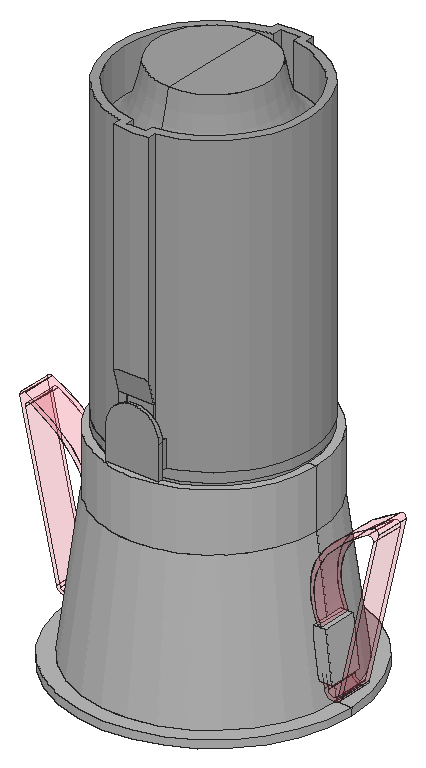
Revit family "LAMP_MOODY G2 1700 + MINI ROUND FIXED REFLECTOR", category Luminarias, Revit 2015
Parameters (values of type "2700K FLOOD")
  Ángulo de inclinación = 90.00°
  White reflector model = White reflector code  # "MORFRD072FXW"
  White reflector finish = "Matt white"
  White reflector description = "MOODY REF RD FX Ø72 WH."
  White reflector datasheet = "http://www.lamp.es/product-files/TECH/MORFRD072FXW-EN.pdf"
  White reflector code = "MORFRD072FXW"
  White reflector [instance] = no
  Wattage = 14 W
  UGR = "23"
  Type = "COB PHILIPS"
  Total weight = 0.344 kg
  Total height = 140 mm
  Silver reflector model = Silver reflector code  # "MORFRD072FXM"
  Silver reflector finish = "Metalized matt silver"
  Silver reflector description = "MOODY REF RD FX Ø72 MET."
  Silver reflector datasheet = "http://www.lamp.es/product-files/TECH/MORFRD072FXM-EN.pdf"
  Silver reflector code = "MORFRD072FXM"
  Silver reflector [instance] = no
  Reflector diameter = 72 mm
  Reflector [instance] = and(not(White reflector), not(Copper reflector), not(Black reflector), not(Silver reflector))  # no
  Recessed diameter = 68 mm
  built-in parameter 1150110 = 1 (stored number, unit not read)
  Protection rating = "IP20"
  Product URL = "https://www.lamp.es/en/family/moody_33323"
  Power Supply = "220-240V 50/60Hz"
  Power = 12 W
  Plum = 14 W
  Model explanation = "Availability of switching reflector colour when placed in a project."
  Material Reflector Plata = LAMP_PC Reflector Moody GR
  Material Reflector Negro = LAMP_PC Reflector Moody NG
  Material Reflector Cobre = LAMP_PC Reflector Moody CO
  Material Reflector Blanco = LAMP_PC Reflector Moody BL
  Material Muelle Emp. = LAMP_Acero genérico
  Manufacturer name = "LAMP"
  Manufacturer country = "Spain"
  Manufacturer URL = "http://www.lamp.es/en"
  MacAdam = "3"
  Lámpara = "COB LED"
  Luminaire type = "Indoor - Recessed Downlight"
  Last update = "28/08/2019"
  LED Lifetime = "50.000 L70 B10"
  Insulation class = "II"
  Installation instructions = "https://www.lamp.es/product-files/INS/1004620-A-INSTR.%20MOODY%20G2.pdf"
  IEE = "A++"
  Gear = "Electronic"
  built-in parameter 1114217 = 1 (stored number, unit not read)
  built-in parameter 1150109 = 1 (stored number, unit not read)
  Fabricante = Manufacturer name  # "LAMP"
  Efficacy = 66.2 lm/W
  Descripción = "MOODY G2 1700 VWW FL TRIAC BK."
  Core product code = "MO215FL927TB"
  Core model = Core product code  # "MO215FL927TB"
  Core diameter = 50 mm
  Core description = "MOODY CORE 1200 VWW MFL"
  Core datasheet = "http://www.lamp.es/product-files/TECH/MO215FL927TB-EN.pdf"
  Copper reflector model = Copper reflector code  # "MORFRD072FXC"
  Copper reflector finish = "Metalized matt copper"
  Copper reflector description = "MOODY REF RD FX Ø72 CO."
  Copper reflector datasheet = "http://www.lamp.es/product-files/TECH/MORFRD072FXW-EN.pdf"
  Copper reflector code = "MORFRD072FXC"
  Comentarios de tipo = Model explanation  # "Availability of switching reflector colour when placed in a project."
  built-in parameter 1150134 = (empty or 0)
  built-in parameter 1150113 = 1 (stored number, unit not read)
  Lumens = 926.8 lm
  built-in parameter 1150115 = 1 (stored number, unit not read)
  built-in parameter 1150105 = 73.752 (stored number, unit not read)
  built-in parameter 1150137 = (empty or 0)
  built-in parameter 1150139 = (empty or 0)
  built-in parameter 1150112 = 1 (stored number, unit not read)
  built-in parameter 1150114 = 1 (stored number, unit not read)
  built-in parameter 1150132 = 2
  built-in parameter 1150102 = (empty or 0)
  built-in parameter 1150138 = (empty or 0)
  built-in parameter 1150107 = 2700 (stored number, unit not read)
  built-in parameter 1150106 = 0.73752 (stored number, unit not read)
  built-in parameter 1150104 = 6.1502 (stored number, unit not read)
  Dimming Lamp Color Temperature Shift = (empty or 0)
  Color Filter = 16777215
  built-in parameter 1114218 = 1 (stored number, unit not read)
  CRI = "90"
  Copper reflector [instance] = yes
  Black reflector model = Black reflector code  # "MORFRD072FXB"
  Black reflector finish = "Matt black"
  Black reflector description = "MOODY REF RD FX Ø72 BK."
  Black reflector datasheet = "http://www.lamp.es/product-files/TECH/MORFRD072FXB-EN.pdf"
  Black reflector code = "MORFRD072FXB"
  Black reflector [instance] = no
  Archivo de red fotométrica = "MO215FL927TB+MORFRD072FXM.IES"
  Altura reflector = 52.8 mm
  built-in parameter 1150133 = 10 (stored number, unit not read)
Types (9, lengths in mm): name | UGR | Efficacy | Descripción | Core product code | Core model | Core datasheet | Lumens | built-in parameter 1150105 | built-in parameter 1150107 | built-in parameter 1150106 | built-in parameter 1150104 | CRI | Archivo de red fotométrica
  2700K FLOOD | "23" | 66.2 lm/W | "MOODY G2 1700 VWW FL TRIAC BK." | "MO215FL927TB" | "MO215FL927TB" | "http://www.lamp.es/product-files/TECH/MO215FL927TB-EN.pdf" | 926.8 lm | 73.752 (stored number, unit not read) | 2700 (stored number, unit not read) | 0.73752 (stored number, unit not read) | 6.1502 (stored number, unit not read) | "90" | "MO215FL927TB+MORFRD072FXM.IES"
  2700K SPOT | "23" | 66.2 lm/W | "MOODY G2 1700 VWW SP TRIAC BK." | "MO215SP927TB" | "MO215SP927TB" | "http://www.lamp.es/product-files/TECH/MO215SP927TB-EN.pdf" | 926.8 lm | 73.752 (stored number, unit not read) | 2700 (stored number, unit not read) | 0.73752 (stored number, unit not read) | 6.1502 (stored number, unit not read) | "90" | "MO215SP927TB+MORFRD072FXM.IES"
  2700K WIDE FLOOD | "23" | 66.2 lm/W | "MOODY G2 1700 VWW WFL TRIAC BK." | "MO215WF927TB" | "MO215WF927TB" | "http://www.lamp.es/product-files/TECH/MO215WF927TB-EN.pdf" | 926.8 lm | 73.752 (stored number, unit not read) | 2700 (stored number, unit not read) | 0.73752 (stored number, unit not read) | 6.1502 (stored number, unit not read) | "90" | "MO215WF927TB+MORFRD072FXM.IES"
  3000K FLOOD | "23" | 81.2 lm/W | "MOODY G2 1700 WW FL TRIAC BK." | "MO215FL830TB" | "MO215FL830TB" | "http://www.lamp.es/product-files/TECH/MO215FL830TB-EN.pdf" | 1136.8 lm | 90.464 (stored number, unit not read) | 3000 (stored number, unit not read) | 0.90464 (stored number, unit not read) | 7.5437 (stored number, unit not read) | "80" | "MO215FL830TB+MORFRD072FXM.IES"
  3000K SPOT | "23" | 81.2 lm/W | "MOODY G2 1700 WW SP TRIAC BK." | "MO215SP830TB" | "MO215SP830TB" | "http://www.lamp.es/product-files/TECH/MO215SP830TB-EN.pdf" | 1136.8 lm | 90.464 (stored number, unit not read) | 3000 (stored number, unit not read) | 0.90464 (stored number, unit not read) | 7.5437 (stored number, unit not read) | "80" | "MO215SP830TB+MORFRD072FXM.IES"
  3000K WIDE FLOOD | "23" | 81.2 lm/W | "MOODY G2 1700 WW WFL TRIAC BK." | "MO215WF830TB" | "MO215WF830TB" | "http://www.lamp.es/product-files/TECH/MO215WF830TB-EN.pdf" | 1136.8 lm | 90.464 (stored number, unit not read) | 3000 (stored number, unit not read) | 0.90464 (stored number, unit not read) | 7.5437 (stored number, unit not read) | "80" | "MO215WF830TB+MORFRD072FXM.IES"
  4000K FLOOD | "24" | 86 lm/W | "MOODY G2 1700 NW FL TRIAC BK." | "MO215FL840TB" | "MO215FL840TB" | "http://www.lamp.es/product-files/TECH/MO215FL840TB-EN.pdf" | 1204 lm | 95.811 (stored number, unit not read) | 4000 (stored number, unit not read) | 0.95811 (stored number, unit not read) | 7.9897 (stored number, unit not read) | "80" | "MO215FL840TB+MORFRD072FXM.IES"
  4000K SPOT | "24" | 86 lm/W | "MOODY G2 1700 NW SP TRIAC BK." | "MO215SP840TB" | "MO215SP840TB" | "http://www.lamp.es/product-files/TECH/MO215SP840TB-EN.pdf" | 1204 lm | 95.811 (stored number, unit not read) | 4000 (stored number, unit not read) | 0.95811 (stored number, unit not read) | 7.9897 (stored number, unit not read) | "80" | "MO215SP840TB+MORFRD072FXM.IES"
  4000K WIDE FLOOD | "24" | 86 lm/W | "MOODY G2 1700 NW WFL TRIAC BK." | "MO215WF840TB" | "MO215WF840TB" | "http://www.lamp.es/product-files/TECH/MO215WF840TB-EN.pdf" | 1204 lm | 95.811 (stored number, unit not read) | 4000 (stored number, unit not read) | 0.95811 (stored number, unit not read) | 7.9897 (stored number, unit not read) | "80" | "MO215WF840TB+MORFRD072FXM.IES"
Reference planes
  plane 1 "Eje de origen de luz (F/P)": y = 0
  plane 2: z = 0
  plane 3 "Eje de origen de luz (I/D)": x = 0
  plane 4 "Techo": z = 4000
  plane 5 "Elevación de origen de luz": z = 4000
Forms (mm)
  Revolve 1, solid, material "LAMP_PC Reflector Moody CO" <- "Material Reflector Cobre", visible <- "Reflector"
    sketch origin (0, 0, 0) x (1, 0, 0) y (0, 0, 1)
      loop
        line (-30, 3998) -> (-30, 4000) -> (-24.838, 4037.526) -> (-24.838, 4045.8) -> (-23.138, 4045.8) -> (-23.138, 4047.8) -> (-24.838, 4047.8) -> (-24.838, 4052.8) -> (-26.8, 4052.8) -> (-26.8, 4037.8) -> (-32, 4000) -> (-36, 4000) -> (-36, 3998) -> (-30, 3998)
      axis (0, 3998) -> (0, 4052.8)
    angle from 0 to 360
  Extrusion 2, solid, material "LAMP_PC Reflector Moody CO" <- "Material Reflector Cobre", visible <- "Reflector"
    sketch origin (0, 0, 0) x (1, 0, 0) y (0, 0, 1)
      loop
        line (-31.187, 4006.379) -> (-29.063, 4012.148) -> (-29.652, 4018.879) -> (-32.652, 4018.879) -> (-34.187, 4006.379) -> (-31.187, 4006.379)
    from 4.4 to -4.4
  Extrusion 3, solid, material "LAMP_Acero genérico" <- "Material Muelle Emp."
    sketch origin (0, 0, 0) x (1, 0, 0) y (0, 0, 1)
      loop
        line (-31.943, 4008.334) -> (-32.936, 4008.456) -> (-33.354, 4005.052)
        arc (-33.354, 4005.052) -> (-34.505, 4003.774) -> (-36.101, 4004.418) r 1.5
        line (-36.101, 4004.418) -> (-45.08, 4043.315)
        arc (-45.08, 4043.315) -> (-44.744, 4044.291) -> (-43.719, 4044.417) r 0.975
        spline (-43.719, 4044.417) -> (-39.839, 4042.049) -> (-36.692, 4039.685) -> (-34.215, 4037.335) -> (-32.344, 4035.012) -> (-31.016, 4032.729) -> (-30.17, 4030.498) -> (-29.74, 4028.33) -> (-29.666, 4026.239) -> (-29.883, 4024.236) -> (-30.329, 4022.333) -> (-30.941, 4020.544) -> (-31.656, 4018.879)
        line (-31.656, 4018.879) -> (-30.649, 4018.879)
        spline (-30.649, 4018.879) -> (-29.869, 4020.895) -> (-29.241, 4023.007) -> (-28.826, 4025.204) -> (-28.688, 4027.472) -> (-28.891, 4029.797) -> (-29.498, 4032.167) -> (-30.573, 4034.568) -> (-32.179, 4036.988) -> (-34.38, 4039.414) -> (-37.239, 4041.832) -> (-40.82, 4044.23) -> (-45.186, 4046.593)
        arc (-45.186, 4046.593) -> (-46.211, 4046.467) -> (-46.547, 4045.491) r 0.975
        line (-46.547, 4045.491) -> (-37.091, 4004.532)
        arc (-37.091, 4004.532) -> (-36.228, 4003.203) -> (-34.714, 4002.739) r 2.317
        arc (-34.714, 4002.739) -> (-33.138, 4003.406) -> (-32.361, 4004.931) r 2.5
        line (-32.361, 4004.931) -> (-31.943, 4008.334)
    from 4.4 to -4.4
  Extrusion 4, solid, material "LAMP_PC Reflector Moody CO" <- "Material Reflector Cobre", visible <- "Reflector"
    sketch origin (0, 0, 0) x (-1, 0, 0) y (0, 0, -1)
      loop
        line (-31.187, -4006.379) -> (-34.187, -4006.379) -> (-32.652, -4018.879) -> (-29.652, -4018.879) -> (-29.063, -4012.148) -> (-31.187, -4006.379)
    from 4.4 to -4.4
  Extrusion 5, solid, material "LAMP_Acero genérico" <- "Material Muelle Emp."
    sketch origin (0, 0, 0) x (-1, 0, 0) y (0, 0, -1)
      loop
        line (-31.943, -4008.334) -> (-32.361, -4004.931)
        arc (-32.361, -4004.931) -> (-33.138, -4003.406) -> (-34.714, -4002.739) r 2.5
        arc (-34.714, -4002.739) -> (-36.228, -4003.203) -> (-37.091, -4004.532) r 2.317
        line (-37.091, -4004.532) -> (-46.547, -4045.491)
        arc (-46.547, -4045.491) -> (-46.211, -4046.467) -> (-45.186, -4046.593) r 0.975
        spline (-45.186, -4046.593) -> (-40.82, -4044.23) -> (-37.239, -4041.832) -> (-34.38, -4039.414) -> (-32.179, -4036.988) -> (-30.573, -4034.568) -> (-29.498, -4032.167) -> (-28.891, -4029.797) -> (-28.688, -4027.472) -> (-28.826, -4025.204) -> (-29.241, -4023.007) -> (-29.869, -4020.895) -> (-30.649, -4018.879)
        line (-30.649, -4018.879) -> (-31.656, -4018.879)
        spline (-31.656, -4018.879) -> (-30.941, -4020.544) -> (-30.329, -4022.333) -> (-29.883, -4024.236) -> (-29.666, -4026.239) -> (-29.74, -4028.33) -> (-30.17, -4030.498) -> (-31.016, -4032.729) -> (-32.344, -4035.012) -> (-34.215, -4037.335) -> (-36.692, -4039.685) -> (-39.839, -4042.049) -> (-43.719, -4044.417)
        arc (-43.719, -4044.417) -> (-44.744, -4044.291) -> (-45.08, -4043.315) r 0.975
        line (-45.08, -4043.315) -> (-36.101, -4004.418)
        arc (-36.101, -4004.418) -> (-34.505, -4003.774) -> (-33.354, -4005.052) r 1.5
        line (-33.354, -4005.052) -> (-32.936, -4008.456) -> (-31.943, -4008.334)
    from 4.4 to -4.4
  Revolve 6, solid, material "LAMP_PC Reflector Moody BL" <- "Material Reflector Blanco", visible <- "White reflector"
    sketch origin (0, 0, 0) x (1, 0, 0) y (0, 0, 1)
      loop
        line (-30, 3998) -> (-30, 4000) -> (-24.838, 4037.526) -> (-24.838, 4045.8) -> (-23.138, 4045.8) -> (-23.138, 4047.8) -> (-24.838, 4047.8) -> (-24.838, 4052.8) -> (-26.8, 4052.8) -> (-26.8, 4037.8) -> (-32, 4000) -> (-36, 4000) -> (-36, 3998) -> (-30, 3998)
      axis (0, 3998) -> (0, 4052.8)
    angle from 0 to 360
  Extrusion 7, solid, material "LAMP_PC Reflector Moody BL" <- "Material Reflector Blanco", visible <- "White reflector"
    sketch origin (0, 0, 0) x (1, 0, 0) y (0, 0, 1)
      loop
        line (-31.187, 4006.379) -> (-29.063, 4012.148) -> (-29.652, 4018.879) -> (-32.652, 4018.879) -> (-34.187, 4006.379) -> (-31.187, 4006.379)
    from 4.4 to -4.4
  Extrusion 8, solid, material "LAMP_PC Reflector Moody BL" <- "Material Reflector Blanco", visible <- "White reflector"
    sketch origin (0, 0, 0) x (-1, 0, 0) y (0, 0, -1)
      loop
        line (-31.187, -4006.379) -> (-34.187, -4006.379) -> (-32.652, -4018.879) -> (-29.652, -4018.879) -> (-29.063, -4012.148) -> (-31.187, -4006.379)
    from 4.4 to -4.4
  Revolve 9, solid, material "LAMP_PC Reflector Moody CO" <- "Material Reflector Cobre", visible <- "Copper reflector"
    sketch origin (0, 0, 0) x (1, 0, 0) y (0, 0, 1)
      loop
        line (-30, 3998) -> (-30, 4000) -> (-24.838, 4037.526) -> (-24.838, 4045.8) -> (-23.138, 4045.8) -> (-23.138, 4047.8) -> (-24.838, 4047.8) -> (-24.838, 4052.8) -> (-26.8, 4052.8) -> (-26.8, 4037.8) -> (-32, 4000) -> (-36, 4000) -> (-36, 3998) -> (-30, 3998)
      axis (0, 3998) -> (0, 4052.8)
    angle from 0 to 360
  Extrusion 10, solid, material "LAMP_PC Reflector Moody CO" <- "Material Reflector Cobre", visible <- "Copper reflector"
    sketch origin (0, 0, 0) x (1, 0, 0) y (0, 0, 1)
      loop
        line (-31.187, 4006.379) -> (-29.063, 4012.148) -> (-29.652, 4018.879) -> (-32.652, 4018.879) -> (-34.187, 4006.379) -> (-31.187, 4006.379)
    from 4.4 to -4.4
  Extrusion 11, solid, material "LAMP_PC Reflector Moody CO" <- "Material Reflector Cobre", visible <- "Copper reflector"
    sketch origin (0, 0, 0) x (-1, 0, 0) y (0, 0, -1)
      loop
        line (-31.187, -4006.379) -> (-34.187, -4006.379) -> (-32.652, -4018.879) -> (-29.652, -4018.879) -> (-29.063, -4012.148) -> (-31.187, -4006.379)
    from 4.4 to -4.4
  Revolve 12, solid, material "LAMP_PC Reflector Moody NG" <- "Material Reflector Negro", visible <- "Black reflector"
    sketch origin (0, 0, 0) x (1, 0, 0) y (0, 0, 1)
      loop
        line (-30, 3998) -> (-30, 4000) -> (-24.838, 4037.526) -> (-24.838, 4045.8) -> (-23.138, 4045.8) -> (-23.138, 4047.8) -> (-24.838, 4047.8) -> (-24.838, 4052.8) -> (-26.8, 4052.8) -> (-26.8, 4037.8) -> (-32, 4000) -> (-36, 4000) -> (-36, 3998) -> (-30, 3998)
      axis (0, 3998) -> (0, 4052.8)
    angle from 0 to 360
  Extrusion 13, solid, material "LAMP_PC Reflector Moody NG" <- "Material Reflector Negro", visible <- "Black reflector"
    sketch origin (0, 0, 0) x (1, 0, 0) y (0, 0, 1)
      loop
        line (-31.187, 4006.379) -> (-29.063, 4012.148) -> (-29.652, 4018.879) -> (-32.652, 4018.879) -> (-34.187, 4006.379) -> (-31.187, 4006.379)
    from 4.4 to -4.4
  Extrusion 14, solid, material "LAMP_PC Reflector Moody NG" <- "Material Reflector Negro", visible <- "Black reflector"
    sketch origin (0, 0, 0) x (-1, 0, 0) y (0, 0, -1)
      loop
        line (-31.187, -4006.379) -> (-34.187, -4006.379) -> (-32.652, -4018.879) -> (-29.652, -4018.879) -> (-29.063, -4012.148) -> (-31.187, -4006.379)
    from 4.4 to -4.4
  Revolve 15, solid, material "LAMP_PC Reflector Moody GR" <- "Material Reflector Plata", visible <- "Silver reflector"
    sketch origin (0, 0, 0) x (1, 0, 0) y (0, 0, 1)
      loop
        line (-30, 3998) -> (-30, 4000) -> (-24.838, 4037.526) -> (-24.838, 4045.8) -> (-23.138, 4045.8) -> (-23.138, 4047.8) -> (-24.838, 4047.8) -> (-24.838, 4052.8) -> (-26.8, 4052.8) -> (-26.8, 4037.8) -> (-32, 4000) -> (-36, 4000) -> (-36, 3998) -> (-30, 3998)
      axis (0, 3998) -> (0, 4052.8)
    angle from 0 to 360
  Extrusion 16, solid, material "LAMP_PC Reflector Moody GR" <- "Material Reflector Plata", visible <- "Silver reflector"
    sketch origin (0, 0, 0) x (1, 0, 0) y (0, 0, 1)
      loop
        line (-31.187, 4006.379) -> (-29.063, 4012.148) -> (-29.652, 4018.879) -> (-32.652, 4018.879) -> (-34.187, 4006.379) -> (-31.187, 4006.379)
    from 4.4 to -4.4
  Extrusion 17, solid, material "LAMP_PC Reflector Moody GR" <- "Material Reflector Plata", visible <- "Silver reflector"
    sketch origin (0, 0, 0) x (-1, 0, 0) y (0, 0, -1)
      loop
        line (-31.187, -4006.379) -> (-34.187, -4006.379) -> (-32.652, -4018.879) -> (-29.652, -4018.879) -> (-29.063, -4012.148) -> (-31.187, -4006.379)
    from 4.4 to -4.4
Text (mm)
  text "Any modification of the parameters and properties of the LAMP BIM models must be executed and validated by the LAMP technical department.\n\nPhone: +34 93 736 68 00\n\nE-mail: lamp@lamp.es\n\n\n\nLAMP reserves the right to modify the technical specifications of its products." at (-1193.374, 1782.913, 3832.353), in view "Preview"
Dimensions and locks
  equal spacing: host sketch curve, plane 3 "Eje de origen de luz (I/D)", host sketch curve
  equal spacing: host sketch curve, plane 1 "Eje de origen de luz (F/P)", host sketch curve
  host sketch curve to host sketch curve = 4000 mm  (x2)
  locked: plane 4 "Techo" to host ceiling at 0
  "Altura reflector": plane 4 "Techo" to Revolve 1
  locked: Revolve 15 to nested 1 at 85
  aligned and locked: plane 3 "Eje de origen de luz (I/D)" to imposter light
  aligned and locked: plane 1 "Eje de origen de luz (F/P)" to imposter light
  aligned and locked: plane 5 "Elevación de origen de luz" to imposter light
  aligned and locked: imposter light to plane 4 "Techo"
Automatic sketch dimensions
  Revolve 1 sketch curve to plane 4 "Techo" = 0 mm  (x2)
  Revolve 1 sketch curve to plane 3 "Eje de origen de luz (I/D)" = 0 mm
  Revolve 1 sketch curve to plane 3 "Eje de origen de luz (I/D)" = 23.138 mm
  Revolve 1 sketch curve to Revolve 1 sketch curve = 1.7 mm  (x2)
  Revolve 1 sketch curve to Revolve 1 sketch curve = 1.962 mm
  Revolve 1 sketch curve to plane 3 "Eje de origen de luz (I/D)" = 30 mm
  Revolve 1 sketch curve to Revolve 1 sketch curve = 2 mm  (x2)
  Revolve 1 sketch curve to Revolve 1 sketch curve = 4 mm
  plane 4 "Techo" to Revolve 1 sketch curve = 2 mm
  Revolve 1 sketch curve to plane 4 "Techo" = 37.526 mm
  Revolve 1 sketch curve to Revolve 1 sketch curve = 0.274 mm
  Revolve 1 sketch curve to Revolve 1 sketch curve = 8 mm
  Revolve 1 sketch curve to Revolve 1 sketch curve = 5 mm
  Revolve 1 sketch curve to level = 358.228 mm
  Revolve 1 sketch curve to Revolve 1 sketch curve = 309.385 mm
  Extrusion 2 sketch curve to plane 4 "Techo" = 6.379 mm
  Extrusion 2 sketch curve to plane 3 "Eje de origen de luz (I/D)" = 34.187 mm
  Extrusion 2 sketch curve to Extrusion 2 sketch curve = 1.535 mm
  Extrusion 2 sketch curve to Extrusion 2 sketch curve = 3 mm  (x2)
  Extrusion 2 sketch curve to plane 4 "Techo" = 12.148 mm
  Extrusion 2 sketch curve to Extrusion 2 sketch curve = 2.124 mm
  Extrusion 2 sketch curve to Extrusion 2 sketch curve = 6.731 mm
  Extrusion 3 sketch curve to Extrusion 3 sketch curve = 0 mm  (x2)
  Extrusion 3 sketch curve to plane 3 "Eje de origen de luz (I/D)" = 46.547 mm
  Extrusion 3 sketch curve to Extrusion 3 sketch curve = 0.95 mm  (x2)
  Extrusion 3 sketch curve to Extrusion 3 sketch curve = 0.412 mm  (x2)
  Extrusion 3 sketch curve to Extrusion 3 sketch curve = 0.517 mm
  Extrusion 3 sketch curve to plane 4 "Techo" = 4.532 mm
  Extrusion 3 sketch curve to plane 3 "Eje de origen de luz (I/D)" = 37.091 mm
  Extrusion 3 sketch curve to plane 4 "Techo" = 4.418 mm
  Extrusion 3 sketch curve to Extrusion 3 sketch curve = 0.991 mm
  Extrusion 3 sketch curve to Extrusion 3 sketch curve = 1.258 mm
  Extrusion 3 sketch curve to Extrusion 3 sketch curve = 0.009 mm
  Extrusion 3 sketch curve to plane 4 "Techo" = 5.052 mm
  Extrusion 3 sketch curve to Extrusion 3 sketch curve = 1.479 mm
  Extrusion 3 sketch curve to plane 4 "Techo" = 8.456 mm
  Extrusion 3 sketch curve to Extrusion 3 sketch curve = 0.418 mm
  Extrusion 3 sketch curve to plane 4 "Techo" = 4.931 mm
  Extrusion 3 sketch curve to Extrusion 3 sketch curve = 0.993 mm
  Extrusion 3 sketch curve to Extrusion 3 sketch curve = 1.28 mm
  Extrusion 3 sketch curve to Extrusion 3 sketch curve = 1.008 mm
  Extrusion 3 sketch curve to Extrusion 3 sketch curve = 0.182 mm
  Extrusion 3 sketch curve to Extrusion 3 sketch curve = 10.423 mm
  Extrusion 3 sketch curve to Extrusion 3 sketch curve = 24.435 mm
  Extrusion 3 sketch curve to Extrusion 3 sketch curve = 0.219 mm  (x2)
  Extrusion 3 sketch curve to Extrusion 3 sketch curve = 2.176 mm
  plane 4 "Techo" to Extrusion 4 sketch curve = 6.379 mm
  Extrusion 4 sketch curve to plane 3 "Eje de origen de luz (I/D)" = 34.187 mm
  Extrusion 4 sketch curve to Extrusion 4 sketch curve = 1.535 mm
  Extrusion 4 sketch curve to Extrusion 4 sketch curve = 3 mm  (x2)
  plane 4 "Techo" to Extrusion 4 sketch curve = 12.148 mm
  Extrusion 4 sketch curve to Extrusion 4 sketch curve = 2.124 mm
  Extrusion 4 sketch curve to Extrusion 4 sketch curve = 6.731 mm
  Extrusion 5 sketch curve to Extrusion 5 sketch curve = 0 mm  (x2)
  Extrusion 5 sketch curve to plane 3 "Eje de origen de luz (I/D)" = 46.547 mm
  Extrusion 5 sketch curve to Extrusion 5 sketch curve = 0.95 mm  (x2)
  Extrusion 5 sketch curve to Extrusion 5 sketch curve = 0.412 mm  (x2)
  Extrusion 5 sketch curve to Extrusion 5 sketch curve = 0.517 mm
  plane 4 "Techo" to Extrusion 5 sketch curve = 4.532 mm
  Extrusion 5 sketch curve to plane 3 "Eje de origen de luz (I/D)" = 37.091 mm
  plane 4 "Techo" to Extrusion 5 sketch curve = 4.418 mm
  Extrusion 5 sketch curve to Extrusion 5 sketch curve = 0.991 mm
  Extrusion 5 sketch curve to Extrusion 5 sketch curve = 1.258 mm
  Extrusion 5 sketch curve to Extrusion 5 sketch curve = 0.009 mm
  plane 4 "Techo" to Extrusion 5 sketch curve = 5.052 mm
  Extrusion 5 sketch curve to Extrusion 5 sketch curve = 1.479 mm
  plane 4 "Techo" to Extrusion 5 sketch curve = 8.456 mm
  Extrusion 5 sketch curve to Extrusion 5 sketch curve = 0.418 mm
  plane 4 "Techo" to Extrusion 5 sketch curve = 4.931 mm
  Extrusion 5 sketch curve to Extrusion 5 sketch curve = 0.993 mm
  Extrusion 5 sketch curve to Extrusion 5 sketch curve = 1.28 mm
  Extrusion 5 sketch curve to Extrusion 5 sketch curve = 1.008 mm
  Extrusion 5 sketch curve to Extrusion 5 sketch curve = 0.182 mm
  Extrusion 5 sketch curve to Extrusion 5 sketch curve = 10.423 mm
  Extrusion 5 sketch curve to Extrusion 5 sketch curve = 24.435 mm
  Extrusion 5 sketch curve to Extrusion 5 sketch curve = 0.219 mm  (x2)
  Extrusion 5 sketch curve to Extrusion 5 sketch curve = 2.176 mm
  Revolve 6 sketch curve to plane 4 "Techo" = 0 mm  (x2)
  plane 4 "Techo" to Revolve 6 sketch curve = 2 mm
  Revolve 6 sketch curve to plane 3 "Eje de origen de luz (I/D)" = 36 mm
  Revolve 6 sketch curve to Revolve 6 sketch curve = 4 mm
  Revolve 6 sketch curve to Revolve 6 sketch curve = 2 mm  (x2)
  Revolve 6 sketch curve to Revolve 6 sketch curve = 3.2 mm
  Revolve 6 sketch curve to Revolve 6 sketch curve = 1.962 mm  (x2)
  Revolve 6 sketch curve to Revolve 6 sketch curve = 1.7 mm
  Revolve 6 sketch curve to plane 4 "Techo" = 37.526 mm
  Revolve 6 sketch curve to Revolve 6 sketch curve = 0.274 mm
  Revolve 6 sketch curve to Revolve 6 sketch curve = 8 mm
  Revolve 6 sketch curve to Revolve 6 sketch curve = 5 mm
  plane 3 "Eje de origen de luz (I/D)" to Revolve 6 sketch curve = 0 mm
  Revolve 6 sketch curve to level = 358.228 mm
  Revolve 6 sketch curve to Revolve 6 sketch curve = 309.385 mm
  Extrusion 7 sketch curve to plane 4 "Techo" = 6.379 mm
  Extrusion 7 sketch curve to plane 3 "Eje de origen de luz (I/D)" = 34.187 mm
  Extrusion 7 sketch curve to Extrusion 7 sketch curve = 1.535 mm
  Extrusion 7 sketch curve to Extrusion 7 sketch curve = 3 mm  (x2)
  Extrusion 7 sketch curve to plane 4 "Techo" = 18.879 mm
  Extrusion 7 sketch curve to plane 4 "Techo" = 12.148 mm
  Extrusion 7 sketch curve to Extrusion 7 sketch curve = 2.124 mm
  plane 4 "Techo" to Extrusion 8 sketch curve = 6.379 mm
  Extrusion 8 sketch curve to plane 3 "Eje de origen de luz (I/D)" = 34.187 mm
  Extrusion 8 sketch curve to Extrusion 8 sketch curve = 1.535 mm
  Extrusion 8 sketch curve to Extrusion 8 sketch curve = 3 mm  (x2)
  plane 4 "Techo" to Extrusion 8 sketch curve = 18.879 mm
  plane 4 "Techo" to Extrusion 8 sketch curve = 12.148 mm
  Extrusion 8 sketch curve to Extrusion 8 sketch curve = 2.124 mm
  Revolve 9 sketch curve to plane 4 "Techo" = 0 mm  (x2)
  plane 4 "Techo" to Revolve 9 sketch curve = 2 mm
  Revolve 9 sketch curve to plane 3 "Eje de origen de luz (I/D)" = 36 mm
  Revolve 9 sketch curve to Revolve 9 sketch curve = 4 mm
  Revolve 9 sketch curve to Revolve 9 sketch curve = 2 mm  (x2)
  Revolve 9 sketch curve to Revolve 9 sketch curve = 3.2 mm
  Revolve 9 sketch curve to Revolve 9 sketch curve = 1.962 mm  (x2)
  Revolve 9 sketch curve to Revolve 9 sketch curve = 1.7 mm
  Revolve 9 sketch curve to plane 4 "Techo" = 37.526 mm
  Revolve 9 sketch curve to Revolve 9 sketch curve = 0.274 mm
  Revolve 9 sketch curve to Revolve 9 sketch curve = 8 mm
  Revolve 9 sketch curve to Revolve 9 sketch curve = 5 mm
  plane 3 "Eje de origen de luz (I/D)" to Revolve 9 sketch curve = 0 mm
  Revolve 9 sketch curve to level = 358.228 mm
  Revolve 9 sketch curve to Revolve 9 sketch curve = 309.385 mm
  Extrusion 10 sketch curve to plane 4 "Techo" = 6.379 mm
  Extrusion 10 sketch curve to plane 3 "Eje de origen de luz (I/D)" = 34.187 mm
  Extrusion 10 sketch curve to Extrusion 10 sketch curve = 1.535 mm
  Extrusion 10 sketch curve to Extrusion 10 sketch curve = 3 mm  (x2)
  Extrusion 10 sketch curve to plane 4 "Techo" = 18.879 mm
  Extrusion 10 sketch curve to plane 4 "Techo" = 12.148 mm
  Extrusion 10 sketch curve to Extrusion 10 sketch curve = 2.124 mm
  plane 4 "Techo" to Extrusion 11 sketch curve = 6.379 mm
  Extrusion 11 sketch curve to plane 3 "Eje de origen de luz (I/D)" = 34.187 mm
  Extrusion 11 sketch curve to Extrusion 11 sketch curve = 1.535 mm
  Extrusion 11 sketch curve to Extrusion 11 sketch curve = 3 mm  (x2)
  plane 4 "Techo" to Extrusion 11 sketch curve = 18.879 mm
  plane 4 "Techo" to Extrusion 11 sketch curve = 12.148 mm
  Extrusion 11 sketch curve to Extrusion 11 sketch curve = 2.124 mm
  Revolve 12 sketch curve to plane 4 "Techo" = 0 mm  (x2)
  plane 4 "Techo" to Revolve 12 sketch curve = 2 mm
  Revolve 12 sketch curve to plane 3 "Eje de origen de luz (I/D)" = 36 mm
  Revolve 12 sketch curve to Revolve 12 sketch curve = 4 mm
  Revolve 12 sketch curve to Revolve 12 sketch curve = 2 mm  (x2)
  Revolve 12 sketch curve to Revolve 12 sketch curve = 3.2 mm
  Revolve 12 sketch curve to Revolve 12 sketch curve = 1.962 mm  (x2)
  Revolve 12 sketch curve to Revolve 12 sketch curve = 1.7 mm
  Revolve 12 sketch curve to plane 4 "Techo" = 37.526 mm
  Revolve 12 sketch curve to Revolve 12 sketch curve = 0.274 mm
  Revolve 12 sketch curve to Revolve 12 sketch curve = 8 mm
  Revolve 12 sketch curve to Revolve 12 sketch curve = 5 mm
  plane 3 "Eje de origen de luz (I/D)" to Revolve 12 sketch curve = 0 mm
  Revolve 12 sketch curve to level = 358.228 mm
  Revolve 12 sketch curve to Revolve 12 sketch curve = 309.385 mm
  Extrusion 13 sketch curve to plane 4 "Techo" = 6.379 mm
  Extrusion 13 sketch curve to plane 3 "Eje de origen de luz (I/D)" = 34.187 mm
  Extrusion 13 sketch curve to Extrusion 13 sketch curve = 1.535 mm
  Extrusion 13 sketch curve to Extrusion 13 sketch curve = 3 mm  (x2)
  Extrusion 13 sketch curve to plane 4 "Techo" = 18.879 mm
  Extrusion 13 sketch curve to plane 4 "Techo" = 12.148 mm
  Extrusion 13 sketch curve to Extrusion 13 sketch curve = 2.124 mm
  plane 4 "Techo" to Extrusion 14 sketch curve = 6.379 mm
  Extrusion 14 sketch curve to plane 3 "Eje de origen de luz (I/D)" = 34.187 mm
  Extrusion 14 sketch curve to Extrusion 14 sketch curve = 1.535 mm
  Extrusion 14 sketch curve to Extrusion 14 sketch curve = 3 mm  (x2)
  plane 4 "Techo" to Extrusion 14 sketch curve = 18.879 mm
  plane 4 "Techo" to Extrusion 14 sketch curve = 12.148 mm
  Extrusion 14 sketch curve to Extrusion 14 sketch curve = 2.124 mm
  Revolve 15 sketch curve to plane 4 "Techo" = 0 mm  (x2)
  plane 4 "Techo" to Revolve 15 sketch curve = 2 mm
  Revolve 15 sketch curve to plane 3 "Eje de origen de luz (I/D)" = 36 mm
  Revolve 15 sketch curve to Revolve 15 sketch curve = 4 mm
  Revolve 15 sketch curve to Revolve 15 sketch curve = 2 mm  (x2)
  Revolve 15 sketch curve to Revolve 15 sketch curve = 3.2 mm
  Revolve 15 sketch curve to Revolve 15 sketch curve = 1.962 mm  (x2)
  Revolve 15 sketch curve to Revolve 15 sketch curve = 1.7 mm
  Revolve 15 sketch curve to plane 4 "Techo" = 37.526 mm
  Revolve 15 sketch curve to Revolve 15 sketch curve = 0.274 mm
  Revolve 15 sketch curve to Revolve 15 sketch curve = 8 mm
  Revolve 15 sketch curve to Revolve 15 sketch curve = 5 mm
  plane 3 "Eje de origen de luz (I/D)" to Revolve 15 sketch curve = 0 mm
  Revolve 15 sketch curve to level = 358.228 mm
  Revolve 15 sketch curve to Revolve 15 sketch curve = 309.385 mm
  Extrusion 16 sketch curve to plane 4 "Techo" = 6.379 mm
  Extrusion 16 sketch curve to plane 3 "Eje de origen de luz (I/D)" = 34.187 mm
  Extrusion 16 sketch curve to Extrusion 16 sketch curve = 1.535 mm
  Extrusion 16 sketch curve to Extrusion 16 sketch curve = 3 mm  (x2)
  Extrusion 16 sketch curve to plane 4 "Techo" = 18.879 mm
  Extrusion 16 sketch curve to plane 4 "Techo" = 12.148 mm
  Extrusion 16 sketch curve to Extrusion 16 sketch curve = 2.124 mm
  plane 4 "Techo" to Extrusion 17 sketch curve = 6.379 mm
  Extrusion 17 sketch curve to plane 3 "Eje de origen de luz (I/D)" = 34.187 mm
  Extrusion 17 sketch curve to Extrusion 17 sketch curve = 1.535 mm
  Extrusion 17 sketch curve to Extrusion 17 sketch curve = 3 mm  (x2)
  plane 4 "Techo" to Extrusion 17 sketch curve = 18.879 mm
  plane 4 "Techo" to Extrusion 17 sketch curve = 12.148 mm
  Extrusion 17 sketch curve to Extrusion 17 sketch curve = 2.124 mm
Nested families
  nested 1: "LAMP_MOODY CORE 1200" at (0, 0, 4047.8) x (0, 1, 0) z (0, 0, 1), type "LAMP_MOODY CORE 1200"
Connectors
  electrical at (0, 0, 4000)
    settings: on imposter light, index 1, voltage 230 V, apparent load 0 VA, apparent load phase1 0 VA, apparent load phase2 0 VA, apparent load phase3 0 VA, power factor 1, load classification "Otro", number of poles 1, system type 31, power factor state 1, is connector primary yes, connector utility no, sub classification motor no, connector description ""
Definition of nested family "LAMP_MOODY CORE 1200"
  Parameters (values of type "LAMP_MOODY CORE 1200")
    Weight = 0.316 kg
    Protection rating = "IP20"
    Product name = "MOODY CORE 1200"
    Product URL = "http://www.lamp.es/en/family/moody_33323"
    Material Reflector = none
    Material Cuerpo = none
    Material COB = none
    Manufacturer name = "LAMP"
    Manufacturer country = "Spain"
    Manufacturer URL = "http://www.lamp.es/en"
    Luminaire type = "Indoor - Recessed Downlight"
    Last update = "08/05/2018"
    Installation instructions = ""
    Height = 90 mm
    Finish = "Cataphorese"
    Manufacturer = Manufacturer name  # "LAMP"
    Default Elevation = 1219.2 mm
    Diameter = 50 mm
    Description = Product name  # "MOODY CORE 1200"
    Type Comments = "For product codes and features, see corresponding files LAMP_CORE + REFLECTOR"
    Altura interior = 74 mm
  Reference planes
    plane 1 "Centro (Frontal/Posterior)": y = 0
    plane 2: z = 0
    plane 3 "Centro (Izquierda/Derecha)": x = 0
    plane 4: z = 74
  Forms (mm)
    Extrusion 1, solid
      sketch origin (0, 0, 0) x (1, 0, 0) y (0, 1, 0)
        loop
          line (-1219.2, 1219.2) -> (-1219.2, -1219.2) -> (1219.2, -1219.2) -> (1219.2, 1219.2) -> (-1219.2, 1219.2)
      from 0 to -304.8
    Extrusion 2, solid, material <- "Material Cuerpo"
      sketch origin (0, 0, 8.2) x (1, 0, 0) y (0, 1, 0)
        loop
          arc (-26.622, 4.5) -> (-27, 0) -> (-26.622, -4.5) r 27
          line (-26.622, -4.5) -> (-24.592, -4.5)
          arc (-24.592, -4.5) -> (0, -25) -> (24.592, -4.5) r 25
          line (24.592, -4.5) -> (26.622, -4.5)
          arc (26.622, -4.5) -> (27, 0) -> (26.622, 4.5) r 27
          line (26.622, 4.5) -> (24.592, 4.5)
          arc (24.592, 4.5) -> (0, 25) -> (-24.592, 4.5) r 25
          line (-24.592, 4.5) -> (-26.622, 4.5)
        loop
          line (-24.875, -2.5) -> (-22.864, -2.5)
          arc (-22.864, -2.5) -> (0, -23) -> (22.864, -2.5) r 23
          line (22.864, -2.5) -> (24.875, -2.5)
          arc (24.875, -2.5) -> (25, 0) -> (24.875, 2.5) r 25
          line (24.875, 2.5) -> (22.864, 2.5)
          arc (22.864, 2.5) -> (0, 23) -> (-22.864, 2.5) r 23
          line (-22.864, 2.5) -> (-24.875, 2.5)
          arc (-24.875, 2.5) -> (-25, 0) -> (-24.875, -2.5) r 25
      from 0 to 77
    Revolve 3, solid, material <- "Material Cuerpo"
      sketch origin (0, 0, 8.2) x (1, 0, 0) y (0, 0, 1)
        loop
          spline (-14.467, 81.8) -> (-14.836, 79.556) -> (-15.268, 77.477) -> (-15.761, 75.564) -> (-16.317, 73.817) -> (-16.935, 72.235) -> (-17.615, 70.819) -> (-18.357, 69.568) -> (-19.161, 68.483) -> (-20.028, 67.564) -> (-20.956, 66.81) -> (-21.947, 66.222) -> (-23, 65.8)
          line (-23, 65.8) -> (0, 65.8) -> (0, 81.8) -> (-14.467, 81.8)
        axis (0, 81.8) -> (0, 65.8)
      angle from 0 to 360
    Extrusion 4, void
      sketch origin (0, 0, 8.2) x (0, 1, 0) y (0, 0, 1)
        loop
          line (-7, 0) -> (7, 0) -> (7, 6.5) -> (-7, 6.5) -> (-7, 0)
      from -28 to 28
    Extrusion 5, void
      sketch origin (0, 0, 8.2) x (1, 0, 0) y (0, 0, 1)
        loop
          line (25.068, 6.5) -> (27.791, 6.5) -> (27.791, 20.707) -> (26.791, 20.707) -> (25.068, 14.278) -> (25.068, 6.5)
      from -7 to 7
    Revolve 6, solid, material <- "Material Cuerpo"
      sketch origin (0, 0, 0) x (1, 0, 0) y (0, 0, 1)
        loop
          line (24.8, 0) -> (24.8, 2.2) -> (22.75, 2.2) -> (22.75, 5.8) -> (25, 5.8) -> (25, 8.2) -> (21.4, 8.2) -> (21.4, 7) -> (20.45, 7) -> (20.45, 0) -> (24.8, 0)
        axis (0, 8.2) -> (0, 0)
      angle from 0 to 360
    Extrusion 7, solid, material <- "Material Cuerpo"
      sketch origin (0, 0, 11.6) x (1, 0, 0) y (0, 1, 0)
        loop
          line (-25.068, 4.5) -> (-22.555, 4.5)
          arc (-22.555, 4.5) -> (0, 23) -> (22.555, 4.5) r 23
          line (22.555, 4.5) -> (25.068, 4.5) -> (25.068, 6.9) -> (22.778, 6.9)
          arc (22.778, 6.9) -> (0, 23.8) -> (-22.778, 6.9) r 23.8
          line (-22.778, 6.9) -> (-25.068, 6.9) -> (-25.068, 4.5)
        loop
          line (-25.068, -4.5) -> (-25.068, -6.9) -> (-22.778, -6.9)
          arc (-22.778, -6.9) -> (0, -23.8) -> (22.778, -6.9) r 23.8
          line (22.778, -6.9) -> (25.068, -6.9) -> (25.068, -4.5) -> (22.555, -4.5)
          arc (22.555, -4.5) -> (0, -23) -> (-22.555, -4.5) r 23
          line (-22.555, -4.5) -> (-25.068, -4.5)
      from -3.4 to 3.4
    Extrusion 8, solid, material <- "Material Cuerpo"
      sketch origin (0, 0, 0) x (0, 1, 0) y (0, 0, -1)
        loop
          arc (-6.769, -14.306) -> (0.131, -21.206) -> (7.031, -14.306) r 6.9
          line (7.031, -14.306) -> (7.031, -5.8) -> (-6.769, -5.8) -> (-6.769, -14.306)
      from 26 to 25.068
    Extrusion 9, solid, material <- "Material Cuerpo"
      sketch origin (0, 0, 0) x (0, 1, 0) y (0, 0, 1)
        loop
          line (-6.769, 14.306) -> (-6.769, 5.8) -> (7.031, 5.8) -> (7.031, 14.306)
          arc (7.031, 14.306) -> (0.131, 21.206) -> (-6.769, 14.306) r 6.9
      from 26 to 25.068
    Revolve 10, solid, material <- "Material Reflector"
      sketch origin (0, 0, -1660) x (1, 0, 0) y (0, 0, 1)
        loop
          line (21.4, 1667) -> (14.233, 1685.672) -> (13.283, 1685.672) -> (20.45, 1667) -> (21.4, 1667)
        axis (0, 1685.672) -> (0, 1667)
      angle from 0 to 360
    Revolve 11, solid, material <- "Material COB"
      sketch origin (0, 0, -2184.8) x (1, 0, 0) y (0, 0, 1)
        loop
          line (0, 2210.472) -> (14.233, 2210.472) -> (14.233, 2211.472) -> (0, 2211.472) -> (0, 2210.472)
        axis (0, 2211.472) -> (0, 2210.472)
      angle from 0 to 360
    Extrusion 12, void
      sketch origin (0, 0, 8.2) x (-1, 0, 0) y (0, 0, -1)
        loop
          line (25.068, -6.5) -> (25.068, -14.278) -> (26.791, -20.707) -> (27.791, -20.707) -> (27.791, -6.5) -> (25.068, -6.5)
      from -7 to 7
  Cuts and joins
    Extrusion 4, Extrusion 5, Extrusion 12 cuts Extrusion 2
    Extrusion 12 cuts Extrusion 7
    Extrusion 12 cuts Extrusion 9
  Dimensions and locks
    "Altura interior": plane 4 to Extrusion 1
    locked: cut or joined group of Extrusion 2, Extrusion 4, Extrusion 5, Extrusion 12 to plane 4 at 11.2
    aligned and locked: plane 2 to Extrusion 1
    aligned and locked: level to Extrusion 1
    aligned and locked: Revolve 3 to plane 4
    aligned and locked: Extrusion 7 to Revolve 6
    aligned and locked: Revolve 11 to Revolve 10
  Automatic sketch dimensions
    Extrusion 1 sketch curve to Extrusion 1 sketch curve = 2438.4 mm  (x2)
    Extrusion 2 sketch curve to Extrusion 2 sketch curve = 0 mm  (x57)
    plane 1 "Centro (Frontal/Posterior)" to Extrusion 2 sketch curve = 0 mm
    Extrusion 2 sketch curve to plane 3 "Centro (Izquierda/Derecha)" = 0 mm
    Extrusion 2 sketch curve to plane 1 "Centro (Frontal/Posterior)" = 2.5 mm  (x2)
    Extrusion 2 sketch curve to plane 3 "Centro (Izquierda/Derecha)" = 22.864 mm
    Extrusion 2 sketch curve to Extrusion 2 sketch curve = 1.728 mm  (x4)
    Extrusion 2 sketch curve to Extrusion 2 sketch curve = 2.011 mm  (x3)
    Extrusion 2 sketch curve to Extrusion 2 sketch curve = 2.031 mm  (x3)
    plane 1 "Centro (Frontal/Posterior)" to Extrusion 2 sketch curve = 2.5 mm
    Extrusion 2 sketch curve to Extrusion 2 sketch curve = 2 mm
    Revolve 3 sketch curve to plane 4 = 0 mm
    Revolve 3 sketch curve to plane 3 "Centro (Izquierda/Derecha)" = 0 mm  (x2)
    Revolve 3 sketch curve to Revolve 3 sketch curve = 14.467 mm
    Revolve 3 sketch curve to Revolve 3 sketch curve = 8.533 mm
    plane 4 to Revolve 3 sketch curve = 16 mm
    Revolve 3 sketch curve to level = 601.4 mm
    Revolve 3 sketch curve to Revolve 3 sketch curve = 2552.058 mm
    plane 1 "Centro (Frontal/Posterior)" to Extrusion 4 sketch curve = 7 mm
    Extrusion 4 sketch curve to plane 1 "Centro (Frontal/Posterior)" = 7 mm
    level to Extrusion 4 sketch curve = 8.2 mm
    Extrusion 4 sketch curve to Extrusion 4 sketch curve = 6.5 mm
    plane 3 "Centro (Izquierda/Derecha)" to Extrusion 5 sketch curve = 25.068 mm
    Extrusion 5 sketch curve to Extrusion 5 sketch curve = 1.723 mm
    Extrusion 5 sketch curve to Extrusion 5 sketch curve = 2.723 mm
    level to Extrusion 5 sketch curve = 14.7 mm
    Extrusion 5 sketch curve to Extrusion 5 sketch curve = 7.778 mm
    Extrusion 5 sketch curve to Extrusion 5 sketch curve = 6.429 mm
    Revolve 6 sketch curve to plane 3 "Centro (Izquierda/Derecha)" = 0 mm
    Revolve 6 sketch curve to level = 0 mm
    plane 3 "Centro (Izquierda/Derecha)" to Revolve 6 sketch curve = 20.45 mm
    Revolve 6 sketch curve to Revolve 6 sketch curve = 0.95 mm
    Revolve 6 sketch curve to Revolve 6 sketch curve = 1.35 mm
    Revolve 6 sketch curve to Revolve 6 sketch curve = 2.05 mm
    Revolve 6 sketch curve to Revolve 6 sketch curve = 2.25 mm
    level to Revolve 6 sketch curve = 2.2 mm
    Revolve 6 sketch curve to Revolve 6 sketch curve = 3.6 mm
    Revolve 6 sketch curve to Revolve 6 sketch curve = 1.2 mm
    Revolve 6 sketch curve to Revolve 6 sketch curve = 2.4 mm
    Revolve 6 sketch curve to level = 609.6 mm
    plane 4 to Revolve 6 sketch curve = 2559.858 mm
    Extrusion 7 sketch curve to Extrusion 7 sketch curve = 0 mm  (x13)
    plane 1 "Centro (Frontal/Posterior)" to Extrusion 7 sketch curve = 0 mm
    Extrusion 7 sketch curve to plane 3 "Centro (Izquierda/Derecha)" = 0 mm
    plane 1 "Centro (Frontal/Posterior)" to Extrusion 7 sketch curve = 4.5 mm  (x2)
    Extrusion 7 sketch curve to plane 3 "Centro (Izquierda/Derecha)" = 22.555 mm
    Extrusion 7 sketch curve to plane 1 "Centro (Frontal/Posterior)" = 4.5 mm  (x2)
    Extrusion 7 sketch curve to Extrusion 7 sketch curve = 0.222 mm  (x4)
    Extrusion 7 sketch curve to Extrusion 7 sketch curve = 2.29 mm  (x3)
    Extrusion 7 sketch curve to Extrusion 7 sketch curve = 2.513 mm
    Extrusion 7 sketch curve to Extrusion 7 sketch curve = 2.4 mm  (x2)
    plane 1 "Centro (Frontal/Posterior)" to Extrusion 8 sketch curve = 6.769 mm
    Extrusion 8 sketch curve to plane 1 "Centro (Frontal/Posterior)" = 0.131 mm
    level to Extrusion 8 sketch curve = 14.306 mm
    level to Extrusion 8 sketch curve = 5.8 mm
    plane 1 "Centro (Frontal/Posterior)" to Extrusion 9 sketch curve = 6.769 mm
    Extrusion 9 sketch curve to plane 1 "Centro (Frontal/Posterior)" = 0.131 mm
    level to Extrusion 9 sketch curve = 5.8 mm
    Extrusion 9 sketch curve to Extrusion 9 sketch curve = 8.506 mm
    Revolve 10 sketch curve to plane 3 "Centro (Izquierda/Derecha)" = 0 mm
    plane 3 "Centro (Izquierda/Derecha)" to Revolve 10 sketch curve = 13.283 mm
    Revolve 10 sketch curve to Revolve 10 sketch curve = 0.95 mm  (x2)
    level to Revolve 10 sketch curve = 7 mm
    Revolve 10 sketch curve to Revolve 10 sketch curve = 6.217 mm
    Revolve 10 sketch curve to Revolve 10 sketch curve = 18.672 mm
    Revolve 10 sketch curve to level = 2269.6 mm
    plane 4 to Revolve 10 sketch curve = 899.858 mm
    Revolve 11 sketch curve to plane 3 "Centro (Izquierda/Derecha)" = 0 mm  (x2)
    plane 3 "Centro (Izquierda/Derecha)" to Revolve 11 sketch curve = 14.233 mm
    level to Revolve 11 sketch curve = 25.672 mm
    Revolve 11 sketch curve to Revolve 11 sketch curve = 1 mm
    Revolve 11 sketch curve to level = 2794.4 mm
    plane 4 to Revolve 11 sketch curve = 375.058 mm
    Extrusion 12 sketch curve to plane 3 "Centro (Izquierda/Derecha)" = 25.068 mm
    Extrusion 12 sketch curve to Extrusion 12 sketch curve = 1.723 mm
    Extrusion 12 sketch curve to Extrusion 12 sketch curve = 2.723 mm
    level to Extrusion 12 sketch curve = 28.907 mm
    Extrusion 12 sketch curve to Extrusion 12 sketch curve = 6.429 mm
    Extrusion 12 sketch curve to Extrusion 12 sketch curve = 7.778 mm
